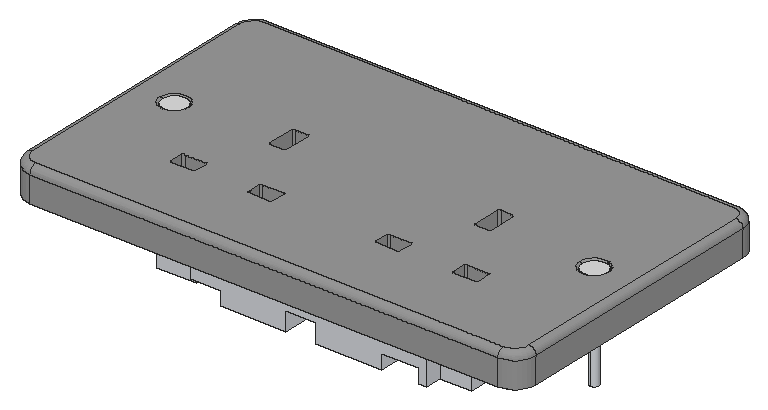
Revit family "ElectricalFixture_WiringAccessories_Hager_Sollysta_WMS82", category Electrical Fixtures, host Face, Revit 2015
Parameters (values of type "WMS82")
  Warranty ID = ""
  Voltage (Volts) = "230V/240V"
  Unique Reference = "WMS82"
  Type = "ElectricalFixture"
  Technical Description = "13A2GangUnswitchedSocketDualEarth"
  Switch = yes
  Supply Phase = "1"
  Size = ""
  Shipping Weight kg = "0.188"
  Shape = "Rectangular"
  Reference Standard = "BS 1363-2"
  Product URL = "http://www.hager.co.uk/product-catalogue/wiring-accessories/sollysta/white-moulded/white-moulded-sockets/58428.htm"
  Product Range = "Sollysta"
  Product Model Number = "WMS82"
  Product Literature = "http://www.hager.co.uk/product-catalogue/wiring-accessories/sollysta/38662.htm"
  Product Group = "WiringAccessories"
  Product Family = "WhiteMouldedSockets_UnswitchedSockets"
  Packaging Recyclable = yes
  Overall Width = 0.0 mm
  Overall Length = 146.0 mm
  Overall Height = 86.0 mm
  Overall Depth = 26.07 mm
  Operation and Maintenance Manual = ""
  Name = "WhiteMouldedSocket_WMS82"
  Measurement Units = "mm"
  Material = Urea Formaldehyde Thermoset Plastic
  Manufacturer Website = "http://www.hager.co.uk/"
  Manufacturer Country = "United Kingdom"
  Manufacturer = "Hager"
  LED Indicator Switch [instance] = no
  Gross Weight kg = "0.165"
  Frequency = "50/60Hz"
  Finish = "Gloss"
  Features = "13A2GangUnswitchedSocketDualEarth"
  Extrusion From Wall = 12.61 mm
  Expected Life = "25 years"
  EAN Code = "5015652261056"
  Design Country = "China"
  Description = "13A2GangUnswitchedSocketDualEarth"
  Default Elevation = 1219.2 mm
  Colour = "SollystaWhite"
  CE Approval = yes
Reference planes
  plane 1 "Center (Front/Back)": y = 0
  plane 2: z = 0
  plane 3 "Center (Left/Right)": x = 0
  plane 4: y = -43
  plane 5: y = 43
  plane 6: x = -73
  plane 7: x = 73
  plane 8: z = 9.47
  plane 9: z = -16.6
  plane 10: z = 12.61
  plane 11: y = -471.393
  plane 12: z = -20.53
Forms (mm)
  Extrusion 1, solid, material "Urea Formaldehyde Thermoset Plastic", detail levels fine
    sketch origin (0, 0, 0) x (1, 0, 0) y (0, 1, 0)
      loop
        arc (-73, -37.005) -> (-71.244, -41.244) -> (-67.005, -43) r 5.995
        line (-67.005, -43) -> (66.983, -43)
        arc (66.983, -43) -> (71.238, -41.238) -> (73, -36.983) r 6.017
        line (73, -36.983) -> (73, 37.035)
        arc (73, 37.035) -> (71.253, 41.253) -> (67.035, 43) r 5.965
        line (67.035, 43) -> (-67.018, 43)
        arc (-67.018, 43) -> (-71.248, 41.248) -> (-73, 37.018) r 5.982
        line (-73, 37.018) -> (-73, -37.005)
      loop
        line (-44.054, -17.616) -> (-44.054, -21.364)
        arc (-44.054, -21.364) -> (-43.908, -21.716) -> (-43.555, -21.862) r 0.499
        line (-43.555, -21.862) -> (-37.414, -21.862)
        arc (-37.414, -21.862) -> (-37.037, -21.706) -> (-36.882, -21.33) r 0.532
        line (-36.882, -21.33) -> (-36.882, -17.59)
        arc (-36.882, -17.59) -> (-37.032, -17.226) -> (-37.396, -17.075) r 0.515
        line (-37.396, -17.075) -> (-43.513, -17.075)
        arc (-43.513, -17.075) -> (-43.895, -17.233) -> (-44.054, -17.616) r 0.542
      loop
        line (-21.836, -17.616) -> (-21.836, -21.364)
        arc (-21.836, -21.364) -> (-21.69, -21.716) -> (-21.338, -21.862) r 0.499
        line (-21.338, -21.862) -> (-15.196, -21.862)
        arc (-15.196, -21.862) -> (-14.82, -21.706) -> (-14.664, -21.33) r 0.532
        line (-14.664, -21.33) -> (-14.664, -17.59)
        arc (-14.664, -17.59) -> (-14.814, -17.226) -> (-15.179, -17.075) r 0.515
        line (-15.179, -17.075) -> (-21.295, -17.075)
        arc (-21.295, -17.075) -> (-21.678, -17.233) -> (-21.836, -17.616) r 0.542
      loop
        line (-31.779, 6.629) -> (-31.779, -1.226)
        arc (-31.779, -1.226) -> (-31.632, -1.58) -> (-31.278, -1.727) r 0.501
        line (-31.278, -1.727) -> (-27.565, -1.727)
        arc (-27.565, -1.727) -> (-27.182, -1.568) -> (-27.023, -1.185) r 0.542
        line (-27.023, -1.185) -> (-27.023, 6.626)
        arc (-27.023, 6.626) -> (-27.17, 6.98) -> (-27.525, 7.127) r 0.502
        line (-27.525, 7.127) -> (-31.28, 7.127)
        arc (-31.28, 7.127) -> (-31.633, 6.981) -> (-31.779, 6.629) r 0.499
      loop
        arc (44.07, -17.616) -> (43.912, -17.233) -> (43.529, -17.075) r 0.542
        line (43.529, -17.075) -> (37.413, -17.075)
        arc (37.413, -17.075) -> (37.049, -17.226) -> (36.898, -17.59) r 0.515
        line (36.898, -17.59) -> (36.898, -21.33)
        arc (36.898, -21.33) -> (37.054, -21.706) -> (37.43, -21.862) r 0.532
        line (37.43, -21.862) -> (43.572, -21.862)
        arc (43.572, -21.862) -> (43.924, -21.716) -> (44.07, -21.364) r 0.499
        line (44.07, -21.364) -> (44.07, -17.616)
      loop
        arc (21.852, -17.616) -> (21.694, -17.233) -> (21.311, -17.075) r 0.542
        line (21.311, -17.075) -> (15.195, -17.075)
        arc (15.195, -17.075) -> (14.831, -17.226) -> (14.68, -17.59) r 0.515
        line (14.68, -17.59) -> (14.68, -21.33)
        arc (14.68, -21.33) -> (14.836, -21.706) -> (15.212, -21.862) r 0.532
        line (15.212, -21.862) -> (21.354, -21.862)
        arc (21.354, -21.862) -> (21.706, -21.716) -> (21.852, -21.364) r 0.499
        line (21.852, -21.364) -> (21.852, -17.616)
      loop
        arc (31.795, 6.629) -> (31.649, 6.981) -> (31.296, 7.127) r 0.499
        line (31.296, 7.127) -> (27.541, 7.127)
        arc (27.541, 7.127) -> (27.186, 6.98) -> (27.039, 6.626) r 0.502
        line (27.039, 6.626) -> (27.039, -1.185)
        arc (27.039, -1.185) -> (27.198, -1.568) -> (27.581, -1.727) r 0.542
        line (27.581, -1.727) -> (31.294, -1.727)
        arc (31.294, -1.727) -> (31.648, -1.58) -> (31.795, -1.226) r 0.501
        line (31.795, -1.226) -> (31.795, 6.629)
      loop
        circle (-60.15, 0) r 3.228
      loop
        circle (60.15, 0) r 3.228
    from 0 to 9.47
  Sweep 2, void
    path origin (0, 0, 0) x (1, 0, 0) y (0, 1, 0)
      loop
        line (-73, 37.018) -> (-73, -37.005)
        arc (-73, -37.005) -> (-71.244, -41.244) -> (-67.005, -43) r 5.995
        line (-67.005, -43) -> (66.983, -43)
        arc (66.983, -43) -> (71.238, -41.238) -> (73, -36.983) r 6.017
        line (73, -36.983) -> (73, 37.035)
        arc (73, 37.035) -> (71.253, 41.253) -> (67.035, 43) r 5.965
        line (67.035, 43) -> (-67.018, 43)
        arc (-67.018, 43) -> (-71.248, 41.248) -> (-73, 37.018) r 5.982
    profile origin (-73, 0.007, 0) x (1, 0, 0) y (0, 0, 1)
      loop
        line (0, 9.47) -> (0, 7.462)
        arc (0, 7.462) -> (0.588, 8.882) -> (2.008, 9.47) r 2.008
        line (2.008, 9.47) -> (0, 9.47)
  Sweep 3, void
    path origin (0, 0, 0) x (1, 0, 0) y (0, 1, 0)
      loop
        circle (60.15, 0) r 3.228
    profile origin (60.15, 3.228, 0) x (0, -1, 0) y (0, 0, 1)
      loop
        line (0, 9.47) -> (-0.814, 9.47)
        arc (-0.814, 9.47) -> (-0.347, 9.123) -> (0, 8.656) r 2
        line (0, 8.656) -> (0, 9.47)
  Sweep 4, void
    path origin (0, 0, 0) x (1, 0, 0) y (0, 1, 0)
      loop
        circle (-60.15, 0) r 3.228
    profile origin (-60.15, 3.228, 0) x (0, 1, 0) y (0, 0, 1)
      loop
        line (0, 9.47) -> (0, 8.656)
        arc (0, 8.656) -> (0.346, 9.124) -> (0.814, 9.47) r 1.964
        line (0.814, 9.47) -> (0, 9.47)
  Extrusion 5, solid, material "Steel, Chrome Plated", detail levels fine
    sketch origin (0, 0, 0) x (1, 0, 0) y (0, 1, 0)
      loop
        circle (-60.15, 0) r 3.542
    from -1.167 to 9.196
  Extrusion 6, solid, material "Steel, Chrome Plated", detail levels fine
    sketch origin (0, 0, 0) x (-1, 0, 0) y (0, -1, 0)
      loop
        circle (-60.15, 0) r 3.542
    from -1.167 to 9.196
  Extrusion 7, solid, material "Urea Formaldehyde Thermoset Plastic", detail levels medium
    sketch origin (0, 0, 0) x (1, 0, 0) y (0, 1, 0)
      loop
        line (-73, 43) -> (-73, -43) -> (73, -43) -> (73, 43) -> (-73, 43)
    from 0 to 9.47
  Extrusion 8, solid, detail levels medium+fine
    sketch origin (0, 0, 0) x (1, 0, 0) y (0, 1, 0)
      loop
        line (-55, 18.368) -> (-55, -25) -> (-31.332, -25) -> (-31.332, -30) -> (36.039, -30) -> (36.039, -25) -> (55, -25) -> (55, 18.368) -> (25, 18.368) -> (25, 12.481) -> (-25, 12.481) -> (-25, 18.368) -> (-55, 18.368)
    from -16.6 to 1.428
  Extrusion 9, void
    sketch origin (0, 0, 0) x (1, 0, 0) y (0, 0, 1)
      loop
        line (55, -12.6) -> (45.071, -12.6) -> (45.071, -16.6) -> (33.772, -16.6) -> (33.772, -12.6) -> (23.155, -12.6) -> (23.155, -16.6) -> (4.405, -16.6) -> (4.405, -11.253) -> (-4.349, -11.253) -> (-4.349, -16.6) -> (-22.939, -16.6) -> (-22.939, -12.6) -> (-33.729, -12.6) -> (-33.729, -16.6) -> (-45.095, -16.6) -> (-45.095, -12.6) -> (-55, -12.6) -> (-55, -16.6) -> (-55, -19.605) -> (55, -19.605) -> (55, -12.6)
    from -20.104 to 34.317
  Extrusion 10, solid
    sketch origin (0, 0, -1.167) x (0, 1, 0) y (-1, 0, 0)
      loop
        circle (0, -60.15) r 1.2
    from 0 to 19.363
  Extrusion 11, solid
    sketch origin (0, 0, -1.167) x (0, -1, 0) y (1, 0, 0)
      loop
        circle (0, -60.15) r 1.2
    from 0 to 19.363
Cuts and joins
  Sweep 2, Sweep 3, Sweep 4 cuts Extrusion 1
  Extrusion 9 cuts Extrusion 8
Lines and regions (mm)
  model lines, detail levels coarse
    curve 1: arc (-63.692, 0, 0) -> (-60.15, -3.542, 0) -> (-56.608, 0, 0) r 3.542
    curve 2: arc (-56.608, 0, 0) -> (-60.15, 3.542, 0) -> (-63.692, 0, 0) r 3.542
    curve 3: line (-37.414, -22.84, 0) -> (-43.555, -22.84, 0)
    curve 4: arc (-43.555, -22.84, 0) -> (-44.599, -22.408, 0) -> (-45.032, -21.364, 0) r 1.476
    curve 5: line (-45.032, -21.364, 0) -> (-45.032, -17.616, 0)
    curve 6: arc (-45.032, -17.616, 0) -> (-44.587, -16.542, 0) -> (-43.513, -16.097, 0) r 1.519
    curve 7: line (-43.513, -16.097, 0) -> (-37.396, -16.097, 0)
    curve 8: arc (-37.396, -16.097, 0) -> (-36.341, -16.534, 0) -> (-35.904, -17.59, 0) r 1.493
    curve 9: line (-35.904, -17.59, 0) -> (-35.904, -21.33, 0)
    curve 10: arc (-35.904, -21.33, 0) -> (-36.346, -22.398, 0) -> (-37.414, -22.84, 0) r 1.51
    curve 11: line (-13.686, -17.59, 0) -> (-13.686, -21.33, 0)
    curve 12: arc (-13.686, -21.33, 0) -> (-14.128, -22.398, 0) -> (-15.196, -22.84, 0) r 1.51
    curve 13: line (-15.196, -22.84, 0) -> (-21.338, -22.84, 0)
    curve 14: arc (-21.338, -22.84, 0) -> (-22.381, -22.408, 0) -> (-22.814, -21.364, 0) r 1.476
    curve 15: line (-22.814, -21.364, 0) -> (-22.814, -17.616, 0)
    curve 16: arc (-22.814, -17.616, 0) -> (-22.369, -16.542, 0) -> (-21.295, -16.097, 0) r 1.519
    curve 17: line (-21.295, -16.097, 0) -> (-15.179, -16.097, 0)
    curve 18: arc (-15.179, -16.097, 0) -> (-14.123, -16.534, 0) -> (-13.686, -17.59, 0) r 1.493
    curve 19: line (-27.565, -2.727, 0) -> (-31.278, -2.727, 0)
    curve 20: arc (-31.278, -2.727, 0) -> (-32.339, -2.287, 0) -> (-32.778, -1.226, 0) r 1.501
    curve 21: line (-32.778, -1.226, 0) -> (-32.778, 6.629, 0)
    curve 22: arc (-32.778, 6.629, 0) -> (-32.34, 7.688, 0) -> (-31.28, 8.127, 0) r 1.498
    curve 23: line (-31.28, 8.127, 0) -> (-27.525, 8.127, 0)
    curve 24: arc (-27.525, 8.127, 0) -> (-26.463, 7.688, 0) -> (-26.023, 6.626, 0) r 1.502
    curve 25: line (-26.023, 6.626, 0) -> (-26.023, -1.185, 0)
    curve 26: arc (-26.023, -1.185, 0) -> (-26.475, -2.275, 0) -> (-27.565, -2.727, 0) r 1.542
    curve 27: line (21.354, -22.84, 0) -> (15.212, -22.84, 0)
    curve 28: arc (15.212, -22.84, 0) -> (14.144, -22.398, 0) -> (13.702, -21.33, 0) r 1.51
    curve 29: line (13.702, -21.33, 0) -> (13.702, -17.59, 0)
    curve 30: arc (13.702, -17.59, 0) -> (14.139, -16.534, 0) -> (15.195, -16.097, 0) r 1.493
    curve 31: line (15.195, -16.097, 0) -> (21.311, -16.097, 0)
    curve 32: arc (21.311, -16.097, 0) -> (22.385, -16.542, 0) -> (22.83, -17.616, 0) r 1.519
    curve 33: line (22.83, -17.616, 0) -> (22.83, -21.364, 0)
    curve 34: arc (22.83, -21.364, 0) -> (22.398, -22.408, 0) -> (21.354, -22.84, 0) r 1.476
    curve 35: line (43.572, -22.84, 0) -> (37.43, -22.84, 0)
    curve 36: arc (37.43, -22.84, 0) -> (36.362, -22.398, 0) -> (35.92, -21.33, 0) r 1.51
    curve 37: line (35.92, -21.33, 0) -> (35.92, -17.59, 0)
    curve 38: arc (35.92, -17.59, 0) -> (36.357, -16.534, 0) -> (37.413, -16.097, 0) r 1.493
    curve 39: line (37.413, -16.097, 0) -> (43.529, -16.097, 0)
    curve 40: arc (43.529, -16.097, 0) -> (44.603, -16.542, 0) -> (45.048, -17.616, 0) r 1.519
    curve 41: line (45.048, -17.616, 0) -> (45.048, -21.364, 0)
    curve 42: arc (45.048, -21.364, 0) -> (44.616, -22.408, 0) -> (43.572, -22.84, 0) r 1.476
    curve 43: line (31.294, -2.727, 0) -> (27.581, -2.727, 0)
    curve 44: arc (27.581, -2.727, 0) -> (26.491, -2.275, 0) -> (26.039, -1.185, 0) r 1.542
    curve 45: line (26.039, -1.185, 0) -> (26.039, 6.626, 0)
    curve 46: arc (26.039, 6.626, 0) -> (26.479, 7.688, 0) -> (27.541, 8.127, 0) r 1.502
    curve 47: line (27.541, 8.127, 0) -> (31.296, 8.127, 0)
    curve 48: arc (31.296, 8.127, 0) -> (32.356, 7.688, 0) -> (32.795, 6.629, 0) r 1.498
    curve 49: line (32.795, 6.629, 0) -> (32.795, -1.226, 0)
    curve 50: arc (32.795, -1.226, 0) -> (32.355, -2.287, 0) -> (31.294, -2.727, 0) r 1.501
    curve 51: arc (63.378, 0, 0) -> (60.15, -3.228, 0) -> (56.922, 0, 0) r 3.228
    curve 52: arc (56.922, 0, 0) -> (60.15, 3.228, 0) -> (63.378, 0, 0) r 3.228
    curve 53: line (-73, 43, 0) -> (73, 43, 0)
    curve 54: line (-73, -43, 0) -> (-73, 43, 0)
    curve 55: line (73, -43, 0) -> (-73, -43, 0)
    curve 56: line (73, 43, 0) -> (73, -43, 0)
  symbolic lines, style "ElectricalFixtures", not visible, detail levels coarse
    curve 57: line (73.42, -504.912, 19.451) -> (3.42, -504.912, 19.451)
    curve 58: arc (73.42, -504.912, 19.451) -> (38.42, -504.912, 54.451) -> (3.42, -504.912, 19.451) r 35
    curve 59: line (0.509, -504.912, 19.451) -> (-69.491, -504.912, 19.451)
    curve 60: arc (0.509, -504.912, 19.451) -> (-34.491, -504.912, 54.451) -> (-69.491, -504.912, 19.451) r 35
  symbolic lines, style "ElectricalFixtures", detail levels coarse
    curve 61: line (-71.342, -504.912, 0) -> (-1.342, -504.912, 0)
    curve 62: arc (-71.342, -504.912, 0) -> (-36.342, -504.912, 35) -> (-1.342, -504.912, 0) r 35
    curve 63: line (1.569, -504.912, 0) -> (71.569, -504.912, 0)
    curve 64: arc (1.569, -504.912, 0) -> (36.569, -504.912, 35) -> (71.569, -504.912, 0) r 35
Dimensions and locks
  plane 10 to plane 9 = 29.21 mm
  plane 8 to plane 9 = 26.07 mm
  plane 2 to plane 9 = 16.6 mm
  "Overall Length": plane 6 to plane 7
  "Overall Height": plane 4 to plane 5
  "Overall Depth": plane 9 to plane 8
  "Extrusion From Wall": plane 2 to plane 10
  plane 8 to plane 12 = 30.0 mm
  aligned and locked: plane 2 to host face
  aligned and locked: level to host face
  aligned and locked: Extrusion 1 to plane 8
  aligned and locked: Extrusion 7 to plane 8
  aligned and locked: plane 9 to cut or joined group of Extrusion 8, Extrusion 9
  aligned and locked: cut or joined group of Extrusion 1, Sweep 2, Sweep 3, Sweep 4 to plane 8
  aligned and locked: cut or joined group of Extrusion 8, Extrusion 9 to plane 9  (x4)
  aligned and locked: Extrusion 10 to Extrusion 6
  aligned and locked: Extrusion 11 to Extrusion 5
  aligned and locked: plane 12 to Extrusion 11
  aligned and locked: Extrusion 11 to Extrusion 10
Automatic sketch dimensions
  plane 5 to curve 54 = 0.0 mm
  curve 54 to plane 6 = 0.0 mm
  plane 1 "Center (Front/Back)" to curve 2 = 0.0 mm
  plane 1 "Center (Front/Back)" to curve 51 = 0.0 mm
  plane 4 to curve 55 = 0.0 mm
  curve 55 to plane 7 = 0.0 mm
  plane 6 to curve 2 = 12.85 mm
  plane 6 to curve 5 = 27.968 mm
  curve 5 to curve 4 = 1.476 mm
  curve 5 to curve 6 = 1.519 mm
  curve 3 to curve 3 = 6.142 mm
  curve 10 to curve 7 = 0.017 mm
  curve 8 to curve 9 = 1.493 mm
  plane 1 "Center (Front/Back)" to curve 21 = 1.226 mm
  curve 8 to curve 21 = 4.618 mm
  curve 21 to curve 22 = 1.498 mm
  curve 21 to curve 19 = 1.501 mm
  plane 1 "Center (Front/Back)" to curve 26 = 1.185 mm
  curve 20 to curve 26 = 3.713 mm
  curve 23 to curve 25 = 1.502 mm
  curve 8 to curve 15 = 13.09 mm
  curve 14 to curve 14 = 1.476 mm
  curve 16 to curve 17 = 1.519 mm
  curve 13 to curve 13 = 6.142 mm
  curve 12 to curve 18 = 0.017 mm
  curve 12 to curve 11 = 1.51 mm
  plane 3 "Center (Left/Right)" to curve 29 = 13.702 mm
  curve 30 to curve 30 = 1.493 mm
  curve 28 to curve 27 = 1.51 mm
  curve 30 to curve 31 = 6.116 mm
  curve 32 to curve 34 = 0.043 mm
  curve 32 to curve 33 = 1.519 mm
  curve 45 to plane 1 "Center (Front/Back)" = 6.626 mm
  curve 45 to curve 47 = 1.502 mm
  curve 45 to curve 44 = 1.542 mm
  plane 1 "Center (Front/Back)" to curve 50 = 1.226 mm
  curve 44 to curve 50 = 3.713 mm
  curve 46 to curve 47 = 3.755 mm
  curve 48 to curve 49 = 1.498 mm
  curve 32 to curve 37 = 13.09 mm
  curve 37 to curve 38 = 1.493 mm
  curve 36 to curve 35 = 1.51 mm
  curve 38 to curve 40 = 6.116 mm
  curve 40 to curve 35 = 0.043 mm
  curve 40 to curve 41 = 1.519 mm
  curve 51 to plane 7 = 12.85 mm
  curve 35 to plane 4 = 20.16 mm
  curve 3 to plane 4 = 20.16 mm
  curve 13 to curve 10 = 1.51 mm
  curve 27 to curve 37 = 1.51 mm
  curve 14 to curve 16 = 3.747 mm
  curve 4 to curve 6 = 3.747 mm
  curve 33 to curve 33 = 3.747 mm
  curve 41 to curve 41 = 3.747 mm
  curve 24 to plane 1 "Center (Front/Back)" = 6.626 mm
  curve 2 to curve 1 = 3.542 mm
  curve 51 to curve 51 = 3.228 mm
  host sketch curve to host sketch curve = 2438.4 mm  (x2)
  Extrusion 1 sketch curve to plane 6 = 0.0 mm
  plane 5 to Extrusion 1 sketch curve = 0.0 mm
  plane 4 to Extrusion 1 sketch curve = 0.0 mm
  plane 1 "Center (Front/Back)" to Extrusion 1 sketch curve = 0.0 mm  (x2)
  plane 6 to Extrusion 1 sketch curve = 5.982 mm
  plane 6 to Extrusion 1 sketch curve = 5.995 mm
  plane 6 to Extrusion 1 sketch curve = 12.85 mm
  plane 6 to Extrusion 1 sketch curve = 28.946 mm
  Extrusion 1 sketch curve to Extrusion 1 sketch curve = 0.499 mm  (x4)
  Extrusion 1 sketch curve to Extrusion 1 sketch curve = 0.542 mm  (x5)
  Extrusion 1 sketch curve to Extrusion 1 sketch curve = 6.142 mm  (x2)
  Extrusion 1 sketch curve to Extrusion 1 sketch curve = 0.017 mm  (x2)
  Extrusion 1 sketch curve to Extrusion 1 sketch curve = 0.532 mm  (x3)
  plane 1 "Center (Front/Back)" to Extrusion 1 sketch curve = 1.226 mm
  Extrusion 1 sketch curve to Extrusion 1 sketch curve = 5.618 mm
  Extrusion 1 sketch curve to Extrusion 1 sketch curve = 0.501 mm  (x2)
  Extrusion 1 sketch curve to Extrusion 1 sketch curve = 3.713 mm  (x2)
  Extrusion 1 sketch curve to Extrusion 1 sketch curve = 3.755 mm  (x2)
  Extrusion 1 sketch curve to Extrusion 1 sketch curve = 15.045 mm  (x2)
  Extrusion 1 sketch curve to Extrusion 1 sketch curve = 0.515 mm  (x3)
  plane 3 "Center (Left/Right)" to Extrusion 1 sketch curve = 14.68 mm
  Extrusion 1 sketch curve to Extrusion 1 sketch curve = 6.116 mm  (x2)
  Extrusion 1 sketch curve to Extrusion 1 sketch curve = 0.043 mm  (x2)
  plane 1 "Center (Front/Back)" to Extrusion 1 sketch curve = 1.185 mm
  Extrusion 1 sketch curve to Extrusion 1 sketch curve = 5.728 mm
  Extrusion 1 sketch curve to Extrusion 1 sketch curve = 0.502 mm
  Extrusion 1 sketch curve to plane 7 = 12.85 mm
  Extrusion 1 sketch curve to plane 7 = 6.017 mm
  Extrusion 1 sketch curve to plane 7 = 5.965 mm
  plane 7 to Extrusion 1 sketch curve = 0.0 mm
  Extrusion 1 sketch curve to plane 4 = 21.138 mm  (x2)
  Extrusion 1 sketch curve to Extrusion 1 sketch curve = 15.121 mm
  Extrusion 1 sketch curve to Extrusion 1 sketch curve = 15.143 mm
  Extrusion 1 sketch curve to Extrusion 1 sketch curve = 3.747 mm  (x4)
  Extrusion 1 sketch curve to plane 1 "Center (Front/Back)" = 6.626 mm  (x2)
  Sweep 2 sketch curve to plane 6 = 0.0 mm
  plane 5 to Sweep 2 sketch curve = 0.0 mm
  plane 4 to Sweep 2 sketch curve = 0.0 mm
  plane 5 to Sweep 2 sketch curve = 5.982 mm
  plane 6 to Sweep 2 sketch curve = 5.995 mm
  Sweep 2 sketch curve to plane 7 = 6.017 mm
  Sweep 2 sketch curve to plane 7 = 5.965 mm
  plane 7 to Sweep 2 sketch curve = 0.0 mm
  profile plane to Sweep 2 sketch curve = 0.0 mm
  Sweep 2 sketch curve to profile plane = 2.008 mm
  level to Sweep 2 sketch curve = 7.462 mm
  plane 1 "Center (Front/Back)" to Sweep 3 sketch curve = 0.0 mm
  Sweep 3 sketch curve to plane 7 = 12.85 mm
  Sweep 3 sketch curve to profile plane = 0.0 mm
  profile plane to Sweep 3 sketch curve = 0.814 mm
  profile plane to Sweep 3 sketch curve = 1.761 mm
  level to Sweep 3 sketch curve = 7.709 mm
  Sweep 3 sketch curve to Sweep 3 sketch curve = 0.947 mm
  Sweep 4 sketch curve to Sweep 4 sketch curve = 0.0 mm  (x2)
  plane 1 "Center (Front/Back)" to Sweep 4 sketch curve = 0.0 mm
  plane 6 to Sweep 4 sketch curve = 12.85 mm
  Sweep 4 sketch curve to Sweep 4 sketch curve = 3.228 mm
  Sweep 4 sketch curve to profile plane = 0.0 mm
  Sweep 4 sketch curve to profile plane = 0.814 mm
  Sweep 4 sketch curve to profile plane = 1.735 mm
  level to Sweep 4 sketch curve = 7.735 mm
  Sweep 4 sketch curve to Sweep 4 sketch curve = 0.921 mm
  Extrusion 5 sketch curve to Extrusion 5 sketch curve = 0.0 mm  (x2)
  plane 1 "Center (Front/Back)" to Extrusion 5 sketch curve = 0.0 mm
  plane 6 to Extrusion 5 sketch curve = 12.85 mm
  Extrusion 5 sketch curve to Extrusion 5 sketch curve = 3.542 mm
  Extrusion 6 sketch curve to Extrusion 6 sketch curve = 0.0 mm  (x2)
  plane 1 "Center (Front/Back)" to Extrusion 6 sketch curve = 0.0 mm
  plane 7 to Extrusion 6 sketch curve = 12.85 mm
  Extrusion 6 sketch curve to Extrusion 6 sketch curve = 3.542 mm
  plane 4 to Extrusion 7 sketch curve = 0.0 mm
  Extrusion 7 sketch curve to plane 6 = 0.0 mm
  Extrusion 7 sketch curve to plane 7 = 0.0 mm
  plane 5 to Extrusion 7 sketch curve = 0.0 mm
  plane 6 to Extrusion 8 sketch curve = 18.0 mm
  Extrusion 8 sketch curve to Extrusion 8 sketch curve = 23.668 mm
  Extrusion 8 sketch curve to plane 3 "Center (Left/Right)" = 25.0 mm
  plane 3 "Center (Left/Right)" to Extrusion 8 sketch curve = 25.0 mm
  Extrusion 8 sketch curve to plane 4 = 13.0 mm
  plane 3 "Center (Left/Right)" to Extrusion 8 sketch curve = 36.039 mm
  Extrusion 8 sketch curve to plane 7 = 18.0 mm
  Extrusion 8 sketch curve to Extrusion 8 sketch curve = 5.0 mm  (x2)
  Extrusion 8 sketch curve to plane 1 "Center (Front/Back)" = 12.481 mm
  Extrusion 8 sketch curve to Extrusion 8 sketch curve = 5.887 mm  (x2)
  Extrusion 9 sketch curve to plane 9 = 0.0 mm  (x5)
  Extrusion 9 sketch curve to plane 12 = 0.925 mm
  plane 6 to Extrusion 9 sketch curve = 18.0 mm
  Extrusion 9 sketch curve to plane 9 = 4.0 mm  (x4)
  Extrusion 9 sketch curve to Extrusion 9 sketch curve = 9.905 mm
  Extrusion 9 sketch curve to Extrusion 9 sketch curve = 11.366 mm
  Extrusion 9 sketch curve to Extrusion 9 sketch curve = 10.79 mm
  Extrusion 9 sketch curve to plane 3 "Center (Left/Right)" = 4.349 mm
  plane 3 "Center (Left/Right)" to Extrusion 9 sketch curve = 4.405 mm
  Extrusion 9 sketch curve to Extrusion 9 sketch curve = 18.749 mm
  Extrusion 9 sketch curve to Extrusion 9 sketch curve = 10.617 mm
  Extrusion 9 sketch curve to Extrusion 9 sketch curve = 11.299 mm
  Extrusion 9 sketch curve to Extrusion 9 sketch curve = 9.929 mm
  Extrusion 9 sketch curve to Extrusion 9 sketch curve = 5.347 mm
  curve 32 to curve 45 = 4.728 mm
  curve 63 to curve 61 = 2.911 mm
  curve 61 to curve 62 = 35.0 mm
  curve 62 to curve 63 = 0.0 mm
  curve 63 to curve 64 = 35.0 mm
  curve 59 to curve 57 = 2.911 mm
  curve 57 to curve 58 = 35.0 mm
  curve 58 to curve 59 = 0.0 mm
  curve 59 to curve 60 = 35.0 mm
  radius of Extrusion 1 sketch curve = 3.228 mm  (x2)
  radius of Sweep 3 sketch curve = 3.228 mm
  radius of Extrusion 10 sketch curve = 1.2 mm
  radius of Extrusion 11 sketch curve = 1.2 mm
Connectors
  electrical at (-0.001, 0.008, 0)
    settings: on cut or joined group of Extrusion 1, Sweep 2, Sweep 3, Sweep 4, index 1, voltage 230 V, apparent load 0 VA, apparent load phase1 0 VA, apparent load phase2 0 VA, apparent load phase3 0 VA, power factor 1, load classification "Other", number of poles 1, system type 31, power factor state 1, is connector primary yes, connector utility no, sub classification motor no, connector description ""
